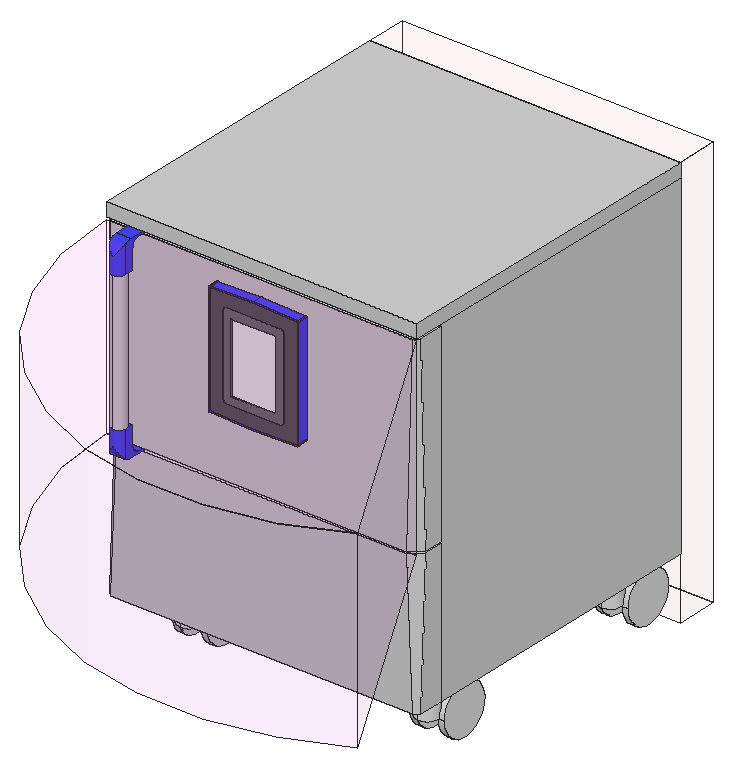
Revit family "Normann_Nortech_NAT5A-R290", category Attrezzature speciali, Revit 2021
Family settings
  Quota connettore circolare = Usa diametro
  Tipo di parte = Normale
  Basato su piano di lavoro = No
  Sempre verticale = Sì
  Taglio con vuoti quando caricato = No
  Condiviso = No
  Punto di calcolo locali = No
Parameters (values of type "NAT5 AIR, R290, 220-240/1N/50, TFT, RHH, WHEELS, MULTI FOOD PROBE")
  Yield per shock freezing cycle test time (EN22042) - min = 261
  Yield per shock freezing cycle energy consumed (EN22042) - kWh/kg = 0.322
  Yield per shock freezing cycle consuption (EN22042) - kWh = 4
  Yield per shock freezing cycle +65/-18°C (EN22042) - kg = 13
  Yield per shock freezing cycle (+90/-18°C) - kg = 18
  Yield per blast chiling cycle test time (EN22042) - min = 96
  Yield per blast chiling cycle energy consumed (EN22042) - kWh/kg = 0.091
  Yield per blast chiling cycle consumption (EN22042) - kWh = 1
  Yield per blast chiling cycle +65/+10°C (EN22042) - kg = 18
  Yield per blast chiling cycle (+90°C/+3°C) - kg = 23
  Wheel_Feet = yes
  Wheel = Wheel_Feet  # yes
  URL Manufacturer = "https://www.normann.it"
  Tray quantity GN2/3 h65mm = 0
  Tray quantity EN1-GN1/1 h65mm = 0
  Tray quantity EN1-GN1/1 h40mm = 0
  Tray quantity EN1-GN1/1 h20mm = 0
  Tray number = 5
  Tray Type = "GN1/1 e EN1"
  Temperature range - °C = "-40/+3"
  Suction line diameter - mm = 0 mm
  Show_Clearance [instance] = yes
  Refrigeration Climate Class = 4
  Refrigerant gas = "R290"
  Default Elevation = 0 mm
  built-in parameter 1010108 = ""
  Power Supply (Volts/Ph/Hz) = "220-240/1N/50"
  Packing volume - m3 = 0.8
  Packaging length actual - mm = 800 mm
  Packaging height actual - mm = 1124 mm
  Packaging depth actual - mm = 890 mm
  Optional = "Multi food probe"
  Net Weight kg = 124
  Model Series = "Nortech"
  Model Category = "Blast chiller reach-in"
  Max power warm cycle - W = 0
  Max power cold cycle - W = 1223
  Max current warm cycle - A = 0
  Max current cold cycle - A = 6.02
  Mat_Grid = Acciaio inox, spazzolato
  Mat_Frame = Acciaio inox, spazzolato
  Manufacturer = "Normann"
  Liquid line diameter - mm = 0 mm
  Length Actual = 750 mm
  Internal length actual - mm = 650 mm
  Internal height actual - mm = 410 mm
  Internal depth actual - mm = 433 mm
  Ice cream pan 5l quantity (360x165x120mm) = 6
  ID = "5A1C2D3B1-05C2C"
  Height_Door = 464 mm
  Height_Feet_Actual = if(Wheel_Feet, 150 mm, H_Feet_Limits)  # 150 mm
  Height Actual = 998 mm
  H_Feet_Limits = if(Height_Feet_100to160 < 100 mm, 100 mm, if(Height_Feet_100to160 > 160 mm, 160 mm, Height_Feet_100to160))  # 117.1 mm
  Gross Weight kg = 139
  GWP = 3
  Feet = not(Wheel_Feet)  # no
  Door_SX = not(Door Side R_L)  # yes
  Door_DX = Door Side R_L  # no
  OffSet_Display = 175 mm
  Height_Feet_100to160 = 117.1 mm
  Door Side R_L = no
  Depth Body = 795 mm
  Depth Actual = 864 mm
  Controller = "TFT"
  Condensation = "AIR"
  Capacity internal - L = 115
  Asset Identifier = "NAT5A-R290"
Reference planes
  plane 1 "Retro": y = 0
  plane 2: z = 0
  plane 3 "Sinistra": x = 0
  plane 4: x = 220
  plane 5: x = 375
  plane 6: x = 530
  plane 7: x = 750
  plane 8: x = 88
  plane 9: x = 662
  plane 10: y = -100
  plane 11: y = -397.5
  plane 12: y = -655
  plane 13: y = -725
  plane 14: y = -795
  plane 15: y = -864
  plane 16: z = 150
  plane 17: z = 965
  plane 18: z = 785
  plane 19: z = 998
  plane 20: z = 960
  plane 21: z = 491
  plane 22: z = 496
  plane 23: z = 86
  plane 24: y = 100
  plane 25: z = 895
  plane 26: z = 561
Forms (mm)
  Extrusion 1, solid, material "Acciaio inox, spazzolato" <- "Mat_Frame"
    sketch origin (0, 0, 0) x (1, 0, 0) y (0, 1, 0)
      loop
        line (0, 0) -> (0, -795) -> (750, -795) -> (750, 0) -> (0, 0)
    from 965 to 998
  Extrusion 2, solid, material "Acciaio inox, spazzolato" <- "Mat_Frame"
    sketch origin (0, 0, 0) x (1, 0, 0) y (0, 1, 0)
      loop
        line (0, 0) -> (0, -725) -> (750, -725) -> (750, 0) -> (0, 0)
    from 150 to 965
  Extrusion 3, solid, material "Acciaio inox, spazzolato" <- "Mat_Grid"
    sketch origin (0, 0, 0) x (1, 0, 0) y (0, 1, 0)
      loop
        line (0, -725) -> (0, -795) -> (750, -795) -> (750, -725) -> (0, -725)
    from 150 to 491
  Extrusion 4, solid, material "Acciaio inox, spazzolato" <- "Mat_Frame"
    sketch origin (0, 0, 0) x (1, 0, 0) y (0, 1, 0)
      loop
        line (0, -725) -> (0, -795) -> (750, -795) -> (750, -725) -> (0, -725)
    from 496 to 960
  Extrusion 5, solid, material "Acciaio inox, spazzolato" <- "Mat_Frame"
    sketch origin (0, 0, 0) x (1, 0, 0) y (0, 1, 0)
      loop
        line (220, -100) -> (220, -655) -> (530, -655) -> (530, -100) -> (220, -100)
    from 86 to 150
  Extrusion 6, solid, material "Acciaio inox, spazzolato" <- "Mat_Frame", visible <- "Door_DX"
    sketch origin (-167.334, -1527.813, 0) x (0, 1, 0) y (-1, 0, 0)
      loop
        circle (681.313, -846.834) r 17.5
    from 561 to 895
  Extrusion 7, solid, material "Acciaio inox, spazzolato" <- "Mat_Frame", visible <- "Door_SX"
    sketch origin (917.334, -1527.813, 0) x (0, 1, 0) y (-1, 0, 0)
      loop
        circle (681.313, 846.834) r 17.5
    from 561 to 895
  Extrusion 8, solid, material "QF_Finishes_Clearance", visible <- "Show_Clearance"
    sketch origin (0, 0, 0) x (1, 0, 0) y (0, 1, 0)
      loop
        line (0, 100) -> (0, 0) -> (750, 0) -> (750, 100) -> (0, 100)
    from 0 to 998
  Extrusion 9, solid, material "Acciaio inox, spazzolato" <- "Mat_Frame"
    sketch origin (0, 0, 0) x (1, 0, 0) y (0, 0, 1)
      loop
        line (88, 180) -> (88, 210) -> (58, 210) -> (58, 180) -> (88, 180)
    from -1.043 to 0
  Extrusion 10, solid
    sketch origin (0, 0, 0) x (1, 0, 0) y (0, 0, 1)
      loop
        circle (662, 204.579) r 10
    from -6.778 to 0
  Blend 11, void
    base sketch origin (-1546.99, -1691.009, 0) x (1, 0, 0) y (0, 1, 0)
      loop
        line (2305.785, 930.019) -> (2262.98, 887.214) -> (2305.785, 887.214) -> (2305.785, 930.019)
    top sketch origin (-1546.99, -1691.009, 0) x (1, 0, 0) y (0, 1, 0)
      loop
        line (2305.785, 915.113) -> (2277.886, 887.214) -> (2305.785, 887.214) -> (2305.785, 915.113)
    from 496 to 960
  Blend 12, void
    base sketch origin (2296.985, -1691.009, 0) x (-1, 0, 0) y (0, -1, 0)
      loop
        line (2305.785, -930.019) -> (2305.785, -887.214) -> (2262.98, -887.214) -> (2305.785, -930.019)
    top sketch origin (2296.985, -1691.009, 0) x (-1, 0, 0) y (0, -1, 0)
      loop
        line (2305.785, -915.113) -> (2305.785, -887.214) -> (2277.886, -887.214) -> (2305.785, -915.113)
    from 496 to 960
  Blend 13, void
    base sketch origin (-1546.99, -1691.009, 0) x (1, 0, 0) y (0, 1, 0)
      loop
        line (2305.785, 915.113) -> (2277.886, 887.214) -> (2305.785, 887.214) -> (2305.785, 915.113)
    top sketch origin (-1546.99, -1691.009, 0) x (1, 0, 0) y (0, 1, 0)
      loop
        line (2262.98, 887.214) -> (2305.785, 887.214) -> (2305.785, 930.019) -> (2262.98, 887.214)
    from 150 to 491
  Blend 14, void
    base sketch origin (2296.985, -1691.009, 0) x (-1, 0, 0) y (0, -1, 0)
      loop
        line (2305.785, -915.113) -> (2305.785, -887.214) -> (2277.886, -887.214) -> (2305.785, -915.113)
    top sketch origin (2296.985, -1691.009, 0) x (-1, 0, 0) y (0, -1, 0)
      loop
        line (2262.98, -887.214) -> (2305.785, -930.019) -> (2305.785, -887.214) -> (2262.98, -887.214)
    from 150 to 491
Cuts and joins
  Blend 11, Blend 12 cuts Extrusion 4
  Blend 13, Blend 14 cuts Extrusion 3
Dimensions and locks
  equal spacing: plane 14, plane 11, plane 1 "Retro"
  "Depth Body": plane 14 to plane 1 "Retro"
  equal spacing: plane 3 "Sinistra", plane 5, plane 7
  "Length Actual": plane 3 "Sinistra" to plane 7
  locked: plane 3 "Sinistra" to plane 8 at 88
  locked: plane 9 to plane 7 at 88
  plane 4 to plane 5 to plane 6 = 155 mm locked, 155 mm locked
  plane 10 to plane 1 "Retro" = 100 mm
  plane 12 to plane 13 to plane 14 = 70 mm locked, 70 mm locked
  "Depth Actual": plane 15 to plane 1 "Retro"
  "Height Actual": plane 2 to plane 19
  locked: plane 17 to plane 19 at 33
  locked: plane 20 to plane 17 at 5
  "OffSet_Display": plane 20 to plane 18
  "Height_Feet_Actual": plane 2 to plane 16
  plane 16 to plane 21 = 341 mm
  locked: plane 21 to plane 22 at 5
  locked: plane 23 to plane 16 at 64
  locked: plane 1 "Retro" to plane 24 at 100
  "Height_Door": plane 20 to plane 22
  locked: plane 20 to plane 25 at 65
  locked: plane 26 to plane 22 at 65
  nested 8 to Blend 11 = 8.795 mm
  aligned and locked: level to plane 2
  aligned and locked: plane 1 "Retro" to Extrusion 1 sketch curve
  aligned and locked: plane 3 "Sinistra" to Extrusion 1 sketch curve
  aligned and locked: plane 7 to Extrusion 1 sketch curve
  aligned and locked: plane 14 to Extrusion 1 sketch curve
  aligned and locked: Extrusion 1 to plane 19
  aligned and locked: plane 17 to Extrusion 1
  aligned and locked: Extrusion 2 sketch curve to Extrusion 1  (x2)
  aligned and locked: Extrusion 2 sketch curve to plane 13
  aligned and locked: plane 7 to Extrusion 2 sketch curve
  aligned and locked: Extrusion 3 sketch curve to Extrusion 2  (x2)
  aligned and locked: plane 14 to Extrusion 3 sketch curve
  aligned and locked: Extrusion 3 sketch curve to Extrusion 1
  aligned and locked: Extrusion 4 sketch curve to Extrusion 2  (x2)
  aligned and locked: Extrusion 4 sketch curve to Extrusion 1  (x2)
  aligned and locked: plane 4 to Extrusion 5 sketch curve
  aligned and locked: Extrusion 5 sketch curve to plane 6
  aligned and locked: Extrusion 2 to plane 17
  aligned and locked: plane 16 to Extrusion 2
  aligned and locked: Extrusion 5 to plane 16
  aligned and locked: plane 20 to Extrusion 4
  aligned and locked: plane 22 to Extrusion 4
  aligned and locked: Extrusion 3 to plane 21
  aligned and locked: plane 16 to Extrusion 3
  aligned and locked: plane 12 to nested 1
  aligned and locked: nested 1 to plane 9
  aligned and locked: nested 3 to plane 12
  aligned and locked: nested 3 to plane 8
  aligned and locked: nested 6 to plane 18
  aligned and locked: plane 5 to nested 6
  aligned and locked: Extrusion 5 to plane 23
  aligned and locked: plane 21 to nested 5
  aligned and locked: Extrusion 8 sketch curve to plane 24
  aligned and locked: Extrusion 8 sketch curve to plane 1 "Retro"
  aligned and locked: Extrusion 8 to plane 19
  aligned and locked: plane 1 "Retro" to Extrusion 9
  aligned and locked: plane 1 "Retro" to Extrusion 10
  aligned and locked: nested 7 to plane 14
  aligned and locked: plane 3 "Sinistra" to nested 7
  aligned and locked: nested 7 to plane 20
  aligned and locked: plane 14 to nested 8
  aligned and locked: nested 8 to plane 7
  aligned and locked: nested 8 to plane 20
  aligned and locked: nested 10 to plane 15
  aligned and locked: nested 9 to plane 15
  aligned and locked: plane 15 to nested 11
  aligned and locked: plane 9 to nested 12
  aligned and locked: nested 10 to plane 9
  aligned and locked: plane 8 to nested 9
  aligned and locked: nested 11 to plane 8
  aligned and locked: plane 15 to nested 12
  aligned and locked: plane 26 to Extrusion 6
  aligned and locked: plane 26 to Extrusion 7
  aligned and locked: plane 25 to Extrusion 7
  aligned and locked: plane 25 to Extrusion 6
  aligned and locked: plane 16 to Blend 14
  aligned and locked: Blend 14 to plane 21
  aligned and locked: plane 16 to Blend 13
  aligned and locked: Blend 13 to plane 21
  aligned and locked: plane 22 to Blend 12
  aligned and locked: plane 22 to Blend 11
  aligned and locked: plane 20 to Blend 12
  aligned and locked: plane 20 to Blend 11
  aligned and locked: Extrusion 8 to plane 3 "Sinistra"
  aligned and locked: Extrusion 8 to plane 7
Automatic sketch dimensions
  Extrusion 5 sketch curve to plane 12 = 0 mm
  Extrusion 5 sketch curve to plane 10 = 0 mm
  plane 15 to Extrusion 6 sketch curve = 17.5 mm
  plane 9 to Extrusion 6 sketch curve = 17.5 mm
  Extrusion 7 sketch curve to plane 15 = 17.5 mm
  plane 8 to Extrusion 7 sketch curve = 17.5 mm
  Extrusion 9 sketch curve to plane 8 = 0 mm
  Extrusion 9 sketch curve to plane 8 = 30 mm
  Extrusion 9 sketch curve to plane 16 = 30 mm
  Extrusion 9 sketch curve to Extrusion 9 sketch curve = 30 mm
  Extrusion 10 sketch curve to plane 9 = 0 mm
  Extrusion 10 sketch curve to plane 16 = 54.579 mm
  Blend 11 sketch curve to Blend 11 sketch curve = 42.804 mm  (x2)
  Blend 11 sketch curve to plane 24 = 903.795 mm  (x2)
  Blend 11 sketch curve to Blend 11 sketch curve = 27.899 mm  (x2)
  Blend 12 sketch curve to Blend 12 sketch curve = 42.804 mm  (x2)
  Blend 12 sketch curve to plane 24 = 860.99 mm
  Blend 12 sketch curve to Blend 12 sketch curve = 27.899 mm  (x2)
  Blend 12 sketch curve to plane 24 = 875.896 mm
  Blend 13 sketch curve to Blend 13 sketch curve = 27.899 mm  (x2)
  Blend 13 sketch curve to plane 24 = 903.795 mm  (x2)
  Blend 13 sketch curve to Blend 13 sketch curve = 42.804 mm  (x2)
  Blend 14 sketch curve to Blend 14 sketch curve = 27.899 mm  (x2)
  Blend 14 sketch curve to plane 24 = 875.896 mm
  Blend 14 sketch curve to Blend 14 sketch curve = 42.804 mm  (x2)
  Blend 14 sketch curve to plane 24 = 860.99 mm
  Extrusion 8 sketch curve to plane 7 = 0 mm
  plane 7 to Blend 11 sketch curve = 34.01 mm
  plane 7 to Blend 11 sketch curve = 19.104 mm
  plane 3 "Sinistra" to Blend 12 sketch curve = 34.004 mm
  plane 3 "Sinistra" to Blend 12 sketch curve = 19.099 mm
  plane 7 to Blend 13 sketch curve = 19.104 mm
  plane 7 to Blend 13 sketch curve = 34.01 mm
  plane 3 "Sinistra" to Blend 14 sketch curve = 19.099 mm
  plane 3 "Sinistra" to Blend 14 sketch curve = 34.004 mm
  Extrusion 8 sketch curve to plane 3 "Sinistra" = 0 mm
  radius of Extrusion 6 sketch curve = 17.5 mm
  radius of Extrusion 7 sketch curve = 17.5 mm
  radius of Extrusion 10 sketch curve = 10 mm
Nested families
  nested 1: "Feet_Wheel_Norm" at (662, -655, 150) x (0, 1, 0) z (0, 0, -1), Feet <- "Feet", H_Feet <- "Height_Feet_Actual", type "Feet_Wheel_Norm"
    with Wheel yes, H_Wheel 150 mm, H_Feet_Real 150 mm, H_Feet 150 mm, Feet no
  nested 2: "Feet_Wheel_Norm" at (662, -100, 150) x (0, 1, 0) z (0, 0, -1), Feet <- "Feet", H_Feet <- "Height_Feet_Actual", type "Feet_Wheel_Norm"
    with Wheel yes, H_Wheel 150 mm, H_Feet_Real 150 mm, H_Feet 150 mm, Feet no
  nested 3: "Feet_Wheel_Norm" at (88, -655, 150) x (0, 1, 0) z (0, 0, -1), Feet <- "Feet", H_Feet <- "Height_Feet_Actual", type "Feet_Wheel_Norm"
    with Wheel yes, H_Wheel 150 mm, H_Feet_Real 150 mm, H_Feet 150 mm, Feet no
  nested 4: "Feet_Wheel_Norm" at (88, -100, 150) x (0, 1, 0) z (0, 0, -1), Feet <- "Feet", H_Feet <- "Height_Feet_Actual", type "Feet_Wheel_Norm"
    with Wheel yes, H_Wheel 150 mm, H_Feet_Real 150 mm, H_Feet 150 mm, Feet no
  nested 5: "Griglia_Plus" at (-8.798, -795, 491) x (1, 0, 0) z (0, -1, 0), type "Griglia_Plus"
  nested 6: "Display_Plus" at (375, -795, 785) x (-1, 0, 0) z (0, -1, 0), type "Display_Plus"
  nested 7: "Door_Clearance" at (0, -795, 496), Show_Clearance <- "Show_Clearance", visible <- "Door_DX", W <- "Length Actual", H <- "Height_Door", type "Door_Clearance"
    with W 750 mm, Show_Clearance yes, H 464 mm
  nested 8: "Door_Clearance" at (750, -795, 496) x (-1, 0, 0) z (0, 0, 1), W <- "Length Actual", H <- "Height_Door", Show_Clearance <- "Show_Clearance", visible <- "Door_SX", type "Door_Clearance"
    with W 750 mm, Show_Clearance yes, H 464 mm
  nested 9: "Testa_Maniglia_2024" at (70.5, -864, 895), visible <- "Door_SX", type "Testa_Maniglia_2024"
  nested 10: "Testa_Maniglia_2024" at (679.5, -864, 895), visible <- "Door_DX", type "Testa_Maniglia_2024"
  nested 11: "Testa_Maniglia_2024" at (70.5, -864, 561) x (1, 0, 0) z (0, 0, -1), visible <- "Door_SX", type "Testa_Maniglia_2024"
  nested 12: "Testa_Maniglia_2024" at (679.5, -864, 561) x (1, 0, 0) z (0, 0, -1), visible <- "Door_DX", type "Testa_Maniglia_2024"
Connectors
  piping at (662, 6.778, 204.579), diameter 20
    settings: on Extrusion 10, index 2, connector inside diameter 609.6 mm, connector length 0 mm, flow factor 0, pipe flow 0.0 L/s, pressure drop 0.0 Pa, fitting loss kfactor 0, connector angle 0.00°, fixture units 0, engagement length 0 mm, angle of deflection 0.00°, flow configuration 0, flow direction 0, fitting loss method 0, system type 29, joint type 0, gender type 0, connector reference index -1, connector utility 0, adjustable connector no, is connector primary yes, connector description ""
  electrical at (73, 1.043, 195)
    settings: on Extrusion 9, index 3, voltage 0 V, apparent load 0 VA, apparent load phase1 0 VA, apparent load phase2 0 VA, apparent load phase3 0 VA, power factor 1, load classification "Altro", number of poles 1, system type 31, power factor state 1, is connector primary yes, connector utility no, sub classification motor no, connector description ""
Definition of nested family "Feet_Wheel_Norm"
  Parameters (values of type "Feet_Wheel_Norm")
    Wheel [instance] = not(Feet)  # no
    Default Elevation = 1219.2 mm
    Mat_Feet = none
    H_Wheel [instance] = if(Wheel, 150 mm, H_Feet_Real)  # 150 mm
    H_Feet_Real [instance] = if(H_Feet < 100 mm, 100 mm, if(H_Feet > 160 mm, 160 mm, H_Feet))  # 150 mm
    H_Feet [instance] = 150 mm
    Feet [instance] = yes
    D = 55 mm
  Reference planes
    plane 1 "Centro (Fronte/Retro)": y = 0
    plane 2: z = 0
    plane 3 "Centro (Sinistra/Destra)": x = 0
    plane 4: y = 42.5
    plane 5: y = 27.5
    plane 6: y = -27.5
    plane 7: y = -42.5
    plane 8: z = 30
    plane 9: z = 90
    plane 10: z = 125
    plane 11: z = 150
  Forms (mm)
    Extrusion 1, solid
      sketch origin (0, 0, 0) x (1, 0, 0) y (0, 1, 0)
        loop
          line (-1219.2, 1219.2) -> (-1219.2, -1219.2) -> (1219.2, -1219.2) -> (1219.2, 1219.2) -> (-1219.2, 1219.2)
      from 0 to -304.8
    Extrusion 2, solid, material <- "Mat_Feet", visible <- "Feet"
      sketch origin (0, 0, 0) x (1, 0, 0) y (0, 1, 0)
        loop
          circle (0, 0) r 27.3
      from 125 to 150
    Extrusion 3, solid, material <- "Mat_Feet", visible <- "Feet"
      sketch origin (0, 0, 0) x (1, 0, 0) y (0, 1, 0)
        loop
          circle (0, 0) r 31.5
      from 0 to 125
    Extrusion 4, solid, material <- "Mat_Feet", visible <- "Wheel"
      sketch origin (0, 0, 0) x (1, 0, 0) y (0, 1, 0)
        loop
          circle (0, 0) r 27.3
      from 0 to 90
    Extrusion 5, solid, material <- "Mat_Feet", visible <- "Wheel"
      sketch origin (-40.152, 0, 0) x (1, 0, 0) y (0, 0, 1)
        loop
          circle (100.152, 90) r 60
      from 27.5 to 42.5
    Extrusion 6, solid, material <- "Mat_Feet", visible <- "Wheel"
      sketch origin (-40.152, 0, 0) x (1, 0, 0) y (0, 0, -1)
        loop
          circle (100.152, -90) r 60
      from 27.5 to 42.5
  Dimensions and locks
    equal spacing: plane 6, plane 1 "Centro (Fronte/Retro)", plane 5
    locked: plane 5 to plane 4 at 15
    locked: plane 7 to plane 6 at 15
    "D": plane 6 to plane 5
    "H_Wheel": plane 2 to plane 11
    locked: plane 10 to plane 11 at 25
    plane 2 to plane 9 = 90 mm
    locked: plane 8 to plane 9 at 60
    aligned and locked: plane 2 to Extrusion 1
    aligned and locked: level to Extrusion 1
    aligned and locked: Extrusion 3 to plane 10
    aligned and locked: plane 10 to Extrusion 2
    aligned and locked: Extrusion 2 to plane 11
    aligned and locked: Extrusion 4 to plane 2
    aligned and locked: Extrusion 4 to plane 9
    aligned and locked: Extrusion 5 to plane 6
    aligned and locked: plane 7 to Extrusion 5
    aligned and locked: Extrusion 6 to plane 4
    aligned and locked: plane 5 to Extrusion 6
    aligned and locked: plane 3 "Centro (Sinistra/Destra)" to Extrusion 5
    aligned and locked: plane 3 "Centro (Sinistra/Destra)" to Extrusion 6
  Automatic sketch dimensions
    Extrusion 1 sketch curve to Extrusion 1 sketch curve = 2438.4 mm  (x2)
    plane 1 "Centro (Fronte/Retro)" to Extrusion 2 sketch curve = 0 mm
    Extrusion 2 sketch curve to plane 3 "Centro (Sinistra/Destra)" = 0 mm
    plane 1 "Centro (Fronte/Retro)" to Extrusion 3 sketch curve = 0 mm
    Extrusion 3 sketch curve to plane 3 "Centro (Sinistra/Destra)" = 0 mm
    Extrusion 4 sketch curve to Extrusion 4 sketch curve = 0 mm  (x2)
    plane 1 "Centro (Fronte/Retro)" to Extrusion 4 sketch curve = 0 mm
    Extrusion 4 sketch curve to plane 3 "Centro (Sinistra/Destra)" = 0 mm
    Extrusion 4 sketch curve to Extrusion 4 sketch curve = 27.3 mm
    Extrusion 5 sketch curve to plane 9 = 0 mm
    plane 3 "Centro (Sinistra/Destra)" to Extrusion 5 sketch curve = 60 mm
    Extrusion 6 sketch curve to plane 9 = 0 mm
    plane 3 "Centro (Sinistra/Destra)" to Extrusion 6 sketch curve = 60 mm
    radius of Extrusion 2 sketch curve = 27.3 mm
    radius of Extrusion 3 sketch curve = 31.5 mm
    radius of Extrusion 5 sketch curve = 60 mm
    radius of Extrusion 6 sketch curve = 60 mm
Definition of nested family "Display_Plus"
  Parameters (values of type "Display_Plus")
    W = 218 mm
    Default Elevation = 1219.2 mm
    Mat_Pla_04 = none
    Mat_Pla_03 = none
    Mat_Pla_02 = none
    Mat_Pla_01 = none
    H = 25 mm
    D = 278 mm
  Reference planes
    plane 1 "Centro (Fronte/Retro)": y = 0
    plane 2: z = 0
    plane 3 "Centro (Sinistra/Destra)": x = 0
    plane 4: x = -54
    plane 5: x = 54
    plane 6: x = -74
    plane 7: x = 74
    plane 8: x = -109
    plane 9: x = 109
    plane 10: y = 139
    plane 11: y = 104
    plane 12: y = 84
    plane 13: y = -84
    plane 14: y = -104
    plane 15: y = -139
    plane 16: z = 25
    plane 17: z = 23
  Forms (mm)
    Extrusion 1, solid
      sketch origin (0, 0, 0) x (1, 0, 0) y (0, 1, 0)
        loop
          line (-1219.2, 1219.2) -> (-1219.2, -1219.2) -> (1219.2, -1219.2) -> (1219.2, 1219.2) -> (-1219.2, 1219.2)
      from 0 to -304.8
    Extrusion 2, solid, material <- "Mat_Pla_04"
      sketch origin (0, 0, 0) x (1, 0, 0) y (0, 1, 0)
        loop
          line (-54, 84) -> (-54, -84) -> (54, -84) -> (54, 84) -> (-54, 84)
      from 0 to 23
    Extrusion 3, solid, material <- "Mat_Pla_03"
      sketch origin (0, 0, 0) x (1, 0, 0) y (0, 1, 0)
        loop
          line (54, 84) -> (-54, 84) -> (-54, -84) -> (54, -84) -> (54, 84)
        loop
          arc (-64, 104) -> (-71.071, 101.071) -> (-74, 94) r 10
          line (-74, 94) -> (-74, -94)
          arc (-74, -94) -> (-71.071, -101.071) -> (-64, -104) r 10
          line (-64, -104) -> (64, -104)
          arc (64, -104) -> (71.071, -101.071) -> (74, -94) r 10
          line (74, -94) -> (74, 94)
          arc (74, 94) -> (71.071, 101.071) -> (64, 104) r 10
          line (64, 104) -> (-64, 104)
      from 0 to 25
    Extrusion 4, solid, material <- "Mat_Pla_01"
      sketch origin (0, 0, 0) x (1, 0, 0) y (0, 1, 0)
        loop
          line (-109, 133.023) -> (-109, -133.023)
          arc (-109, -133.023) -> (-108.177, -135.088) -> (-106.158, -136.019) r 3
          arc (-106.158, -136.019) -> (-53.098, -138.166) -> (0, -139) r 2146.538
          arc (0, -139) -> (53.098, -138.166) -> (106.158, -136.019) r 2146.538
          arc (106.158, -136.019) -> (108.177, -135.088) -> (109, -133.023) r 3
          line (109, -133.023) -> (109, 133.023)
          arc (109, 133.023) -> (108.177, 135.088) -> (106.158, 136.019) r 3
          arc (106.158, 136.019) -> (53.098, 138.166) -> (0, 139) r 2146.538
          arc (0, 139) -> (-53.098, 138.166) -> (-106.158, 136.019) r 2146.538
          arc (-106.158, 136.019) -> (-108.177, 135.088) -> (-109, 133.023) r 3
        loop
          arc (0, 137) -> (-53.045, 136.167) -> (-106.053, 134.022) r 2144.538
          arc (-106.053, 134.022) -> (-106.726, 133.712) -> (-107, 133.023) r 1
          line (-107, 133.023) -> (-107, -133.023)
          arc (-107, -133.023) -> (-106.726, -133.712) -> (-106.053, -134.022) r 1
          arc (-106.053, -134.022) -> (-53.045, -136.167) -> (0, -137) r 2144.538
          arc (0, -137) -> (53.045, -136.167) -> (106.053, -134.022) r 2144.538
          arc (106.053, -134.022) -> (106.726, -133.712) -> (107, -133.023) r 1
          line (107, -133.023) -> (107, 133.023)
          arc (107, 133.023) -> (106.726, 133.712) -> (106.053, 134.022) r 1
          arc (106.053, 134.022) -> (53.045, 136.167) -> (0, 137) r 2144.538
      from 0 to 25
    Extrusion 5, solid, material <- "Mat_Pla_02"
      sketch origin (0, 0, 0) x (1, 0, 0) y (0, 1, 0)
        loop
          arc (-106.053, 134.022) -> (-106.726, 133.712) -> (-107, 133.023) r 1
          line (-107, 133.023) -> (-107, -133.023)
          arc (-107, -133.023) -> (-106.726, -133.712) -> (-106.053, -134.022) r 1
          arc (-106.053, -134.022) -> (-53.045, -136.167) -> (0, -137) r 2144.538
          arc (0, -137) -> (53.045, -136.167) -> (106.053, -134.022) r 2144.538
          arc (106.053, -134.022) -> (106.726, -133.712) -> (107, -133.023) r 1
          line (107, -133.023) -> (107, 133.023)
          arc (107, 133.023) -> (106.726, 133.712) -> (106.053, 134.022) r 1
          arc (106.053, 134.022) -> (53.045, 136.167) -> (0, 137) r 2144.538
          arc (0, 137) -> (-53.045, 136.167) -> (-106.053, 134.022) r 2144.538
        loop
          line (64, 104) -> (-64, 104)
          arc (-64, 104) -> (-71.071, 101.071) -> (-74, 94) r 10
          line (-74, 94) -> (-74, -94)
          arc (-74, -94) -> (-71.071, -101.071) -> (-64, -104) r 10
          line (-64, -104) -> (64, -104)
          arc (64, -104) -> (71.071, -101.071) -> (74, -94) r 10
          line (74, -94) -> (74, 94)
          arc (74, 94) -> (71.071, 101.071) -> (64, 104) r 10
      from 0 to 25
  Dimensions and locks
    equal spacing: plane 15, plane 1 "Centro (Fronte/Retro)", plane 10
    equal spacing: plane 8, plane 3 "Centro (Sinistra/Destra)", plane 9
    "W": plane 8 to plane 9
    "D": plane 15 to plane 10
    locked: plane 17 to plane 16 at 2
    "H": plane 2 to plane 16
    locked: plane 8 to plane 6 at 35
    locked: plane 7 to plane 9 at 35
    locked: plane 5 to plane 7 at 20
    locked: plane 6 to plane 4 at 20
    locked: plane 15 to plane 14 at 35
    locked: plane 12 to plane 11 at 20
    locked: plane 11 to plane 10 at 35
    locked: plane 14 to plane 13 at 20
    aligned and locked: plane 2 to Extrusion 1
    aligned and locked: level to Extrusion 1
  Automatic sketch dimensions
    Extrusion 1 sketch curve to Extrusion 1 sketch curve = 2438.4 mm  (x2)
    Extrusion 2 sketch curve to plane 4 = 0 mm
    Extrusion 2 sketch curve to plane 5 = 0 mm
    plane 13 to Extrusion 2 sketch curve = 0 mm
    plane 12 to Extrusion 2 sketch curve = 0 mm
    Extrusion 3 sketch curve to plane 6 = 0 mm
    plane 14 to Extrusion 3 sketch curve = 0 mm
    plane 11 to Extrusion 3 sketch curve = 0 mm
    Extrusion 3 sketch curve to plane 4 = 0 mm
    Extrusion 3 sketch curve to plane 5 = 0 mm
    Extrusion 3 sketch curve to plane 7 = 0 mm
    plane 13 to Extrusion 3 sketch curve = 0 mm
    plane 12 to Extrusion 3 sketch curve = 0 mm
    Extrusion 3 sketch curve to plane 4 = 10 mm  (x2)
    plane 5 to Extrusion 3 sketch curve = 10 mm  (x2)
    Extrusion 4 sketch curve to plane 8 = 0 mm
    Extrusion 4 sketch curve to plane 3 "Centro (Sinistra/Destra)" = 0 mm  (x4)
    Extrusion 4 sketch curve to plane 9 = 0 mm
    plane 15 to Extrusion 4 sketch curve = 0 mm
    plane 10 to Extrusion 4 sketch curve = 0 mm
    Extrusion 4 sketch curve to Extrusion 4 sketch curve = 3 mm  (x4)
    Extrusion 4 sketch curve to plane 3 "Centro (Sinistra/Destra)" = 7.151 mm  (x2)
    plane 3 "Centro (Sinistra/Destra)" to Extrusion 4 sketch curve = 7.151 mm  (x2)
    plane 15 to Extrusion 4 sketch curve = 1868.526 mm
    Extrusion 4 sketch curve to Extrusion 4 sketch curve = 0 mm  (x20)
    Extrusion 4 sketch curve to plane 15 = 5.977 mm  (x2)
    plane 10 to Extrusion 4 sketch curve = 5.977 mm  (x2)
    Extrusion 4 sketch curve to plane 10 = 1868.526 mm
    Extrusion 4 sketch curve to Extrusion 4 sketch curve = 1 mm  (x2)
    Extrusion 5 sketch curve to plane 3 "Centro (Sinistra/Destra)" = 0 mm  (x2)
    Extrusion 5 sketch curve to plane 3 "Centro (Sinistra/Destra)" = 7.151 mm  (x2)
    plane 8 to Extrusion 5 sketch curve = 3 mm  (x2)
    Extrusion 5 sketch curve to Extrusion 5 sketch curve = 1 mm  (x2)
    plane 3 "Centro (Sinistra/Destra)" to Extrusion 5 sketch curve = 7.151 mm  (x2)
    Extrusion 5 sketch curve to plane 9 = 3 mm  (x2)
    plane 15 to Extrusion 5 sketch curve = 1868.526 mm
    Extrusion 5 sketch curve to Extrusion 5 sketch curve = 0 mm  (x4)
    Extrusion 5 sketch curve to plane 15 = 5.977 mm  (x2)
    plane 10 to Extrusion 5 sketch curve = 5.977 mm  (x2)
    Extrusion 5 sketch curve to plane 10 = 1868.526 mm
    Extrusion 5 sketch curve to plane 6 = 0 mm
    plane 11 to Extrusion 5 sketch curve = 0 mm
    plane 14 to Extrusion 5 sketch curve = 0 mm
    Extrusion 5 sketch curve to plane 7 = 0 mm
    Extrusion 5 sketch curve to plane 4 = 10 mm  (x2)
    plane 5 to Extrusion 5 sketch curve = 10 mm  (x2)
Definition of nested family "Door_Clearance"
  Parameters (values of type "Door_Clearance")
    W [instance] = 750 mm
    Show_Clearance [instance] = yes
    Default Elevation = 0 mm
    H [instance] = 464 mm
  Reference planes
    plane 1 "Centro (Fronte/Retro)": y = 0
    plane 2: z = 0
    plane 3 "Centro (Sinistra/Destra)": x = 0
    plane 4: x = 750
    plane 5: z = 464
  Forms (mm)
    Revolve 1, solid, visible <- "Show_Clearance"
      sketch origin (0, 0, 0) x (1, 0, 0) y (0, 0, 1)
        loop
          line (0, 464) -> (0, 0) -> (750, 0) -> (750, 464) -> (0, 464)
        axis (0, 464) -> (0, 0)
      angle from 240 to 360
  Dimensions and locks
    "W": plane 3 "Centro (Sinistra/Destra)" to plane 4
    "H": plane 2 to plane 5
    aligned and locked: level to plane 2
    aligned and locked: plane 2 to Revolve 1
    aligned and locked: Revolve 1 to plane 5
  Automatic sketch dimensions
    Revolve 1 sketch curve to plane 3 "Centro (Sinistra/Destra)" = 0 mm  (x2)
    plane 4 to Revolve 1 sketch curve = 0 mm
    level to Revolve 1 sketch curve = 0 mm
    Revolve 1 sketch curve to Revolve 1 sketch curve = 464 mm
    Revolve 1 sketch curve to Revolve 1 sketch curve = 263.9 mm
    Revolve 1 sketch curve to Revolve 1 sketch curve = 334.115 mm
Definition of nested family "Testa_Maniglia_2024"
  Parameters (values of type "Testa_Maniglia_2024")
    Default Elevation = 1219.2 mm
    Mat_T_Rail = none
    A = 35 mm
  Reference planes
    plane 1 "Centro (Fronte/Retro)": y = 0
    plane 2: z = 0
    plane 3 "Centro (Sinistra/Destra)": x = 0
    plane 4: x = 17.5
    plane 5: x = -17.5
    plane 6: y = 100
    plane 7: z = 70
    plane 8: z = 65.5
    plane 9: y = 35.988
  Forms (mm)
    Extrusion 1, solid
      sketch origin (0, 0, 0) x (1, 0, 0) y (0, 1, 0)
        loop
          line (-1219.2, 1219.2) -> (-1219.2, -1219.2) -> (1219.2, -1219.2) -> (1219.2, 1219.2) -> (-1219.2, 1219.2)
      from 0 to -304.8
    Extrusion 2, solid, material <- "Mat_T_Rail"
      sketch origin (603.971, -12.494, -156.359) x (0, 1, 0) y (0, 0, 1)
        loop
          line (112.494, 226.359) -> (45.488, 226.359)
          arc (45.488, 226.359) -> (22.801, 217.341) -> (12.494, 195.208) r 33.049
          line (12.494, 195.208) -> (12.494, 156.359) -> (48.482, 156.359) -> (48.482, 201.873)
          arc (48.482, 201.873) -> (54.341, 216.01) -> (68.482, 221.859) r 19.985
          line (68.482, 221.859) -> (112.494, 221.859) -> (112.494, 226.359)
      from -621.471 to -586.471
    Extrusion 3, void
      sketch origin (603.971, -12.494, -156.359) x (1, 0, 0) y (0, 1, 0)
        loop
          arc (-621.471, 29.994) -> (-603.971, 12.494) -> (-586.471, 29.994) r 17.5
          line (-586.471, 29.994) -> (-586.471, 80.181)
          arc (-586.471, 80.181) -> (-604.387, -23.549) -> (-621.471, 80.321) r 53.376
          line (-621.471, 80.321) -> (-621.471, 29.994)
      from 96.453 to 263.778
  Cuts and joins
    Extrusion 3 cuts Extrusion 2
  Dimensions and locks
    equal spacing: plane 5, plane 3 "Centro (Sinistra/Destra)", plane 4
    "A": plane 5 to plane 4
    locked: plane 9 to plane 1 "Centro (Fronte/Retro)" at 35.988
    locked: plane 7 to plane 8 at 4.5
    locked: plane 8 to plane 2 at 65.5
    locked: plane 1 "Centro (Fronte/Retro)" to plane 6 at 100
    aligned and locked: plane 2 to Extrusion 1
    aligned and locked: level to Extrusion 1
    aligned and locked: plane 4 to Extrusion 2
    aligned and locked: Extrusion 2 to plane 5
    aligned and locked: cut or joined group of Extrusion 2, Extrusion 3 to plane 6  (x2)
    aligned and locked: cut or joined group of Extrusion 2, Extrusion 3 to plane 8
    aligned and locked: plane 7 to cut or joined group of Extrusion 2, Extrusion 3
    aligned and locked: plane 9 to cut or joined group of Extrusion 2, Extrusion 3
  Automatic sketch dimensions
    Extrusion 1 sketch curve to Extrusion 1 sketch curve = 2438.4 mm  (x2)
    Extrusion 3 sketch curve to Extrusion 3 sketch curve = 0.202 mm
    Extrusion 3 sketch curve to Extrusion 3 sketch curve = 0.168 mm
    Extrusion 3 sketch curve to plane 3 "Centro (Sinistra/Destra)" = 0.202 mm
    plane 5 to Extrusion 3 sketch curve = 0 mm
    Extrusion 3 sketch curve to plane 1 "Centro (Fronte/Retro)" = 17.5 mm
    Extrusion 3 sketch curve to Extrusion 3 sketch curve = 50.187 mm
    Extrusion 2 sketch curve to level = 0 mm
    Extrusion 2 sketch curve to plane 1 "Centro (Fronte/Retro)" = 0 mm
    Extrusion 2 sketch curve to plane 6 = 0 mm
    Extrusion 2 sketch curve to Extrusion 2 sketch curve = 35.988 mm
    Extrusion 2 sketch curve to Extrusion 2 sketch curve = 19.985 mm
    level to Extrusion 2 sketch curve = 36.951 mm
    Extrusion 2 sketch curve to Extrusion 2 sketch curve = 1.899 mm
    Extrusion 2 sketch curve to Extrusion 2 sketch curve = 8.563 mm
    Extrusion 2 sketch curve to Extrusion 2 sketch curve = 4.5 mm
    Extrusion 2 sketch curve to Extrusion 2 sketch curve = 0.014 mm
Definition of nested family "Griglia_Plus"
  Parameters (values of type "Griglia_Plus")
    Default Elevation = 1219.2 mm
  Reference planes
    plane 1 "Centro (Fronte/Retro)": y = 0
    plane 2: z = 0
    plane 3 "Centro (Sinistra/Destra)": x = 0
  Forms (mm)
    Extrusion 1, solid
      sketch origin (0, 0, 0) x (1, 0, 0) y (0, 1, 0)
        loop
          line (-1219.2, 1219.2) -> (-1219.2, -1219.2) -> (1219.2, -1219.2) -> (1219.2, 1219.2) -> (-1219.2, 1219.2)
      from 0 to -304.8
  Lines and regions (mm)
    model lines, detail levels medium+fine
      curve 1: line (40.936, -180.917, 0) -> (54.849, -172.885, 0)
      curve 2: line (40.936, -180.917, 0) -> (54.849, -188.95, 0)
      curve 3: line (54.849, -188.95, 0) -> (54.849, -172.885, 0)
      curve 4: line (72.781, -180.917, 0) -> (58.867, -172.885, 0)
      curve 5: line (72.781, -180.917, 0) -> (58.867, -188.95, 0)
      curve 6: line (58.867, -188.95, 0) -> (58.867, -172.885, 0)
      curve 7: line (40.936, -157.913, 0) -> (54.849, -165.946, 0)
      curve 8: line (40.936, -157.913, 0) -> (54.849, -149.88, 0)
      curve 9: line (54.849, -149.88, 0) -> (54.849, -165.946, 0)
      curve 10: line (72.781, -157.913, 0) -> (58.867, -165.946, 0)
      curve 11: line (72.781, -157.913, 0) -> (58.867, -149.88, 0)
      curve 12: line (58.867, -149.88, 0) -> (58.867, -165.946, 0)
      curve 13: line (74.797, -177.653, 0) -> (60.884, -169.62, 0)
      curve 14: line (74.797, -177.653, 0) -> (74.797, -161.587, 0)
      curve 15: line (74.797, -161.587, 0) -> (60.884, -169.62, 0)
      curve 16: line (38.953, -161.577, 0) -> (52.866, -169.609, 0)
      curve 17: line (38.953, -161.577, 0) -> (38.953, -177.642, 0)
      curve 18: line (38.953, -177.642, 0) -> (52.866, -169.609, 0)
      curve 19: line (74.797, -184.182, 0) -> (60.884, -192.215, 0)
      curve 20: line (74.797, -184.182, 0) -> (74.797, -200.248, 0)
      curve 21: line (74.797, -200.248, 0) -> (60.884, -192.215, 0)
      curve 22: line (38.953, -200.258, 0) -> (52.866, -192.225, 0)
      curve 23: line (38.953, -200.258, 0) -> (38.953, -184.192, 0)
      curve 24: line (38.953, -184.192, 0) -> (52.866, -192.225, 0)
      curve 25: line (40.936, -227.884, 0) -> (54.849, -219.851, 0)
      curve 26: line (40.936, -227.884, 0) -> (54.849, -235.917, 0)
      curve 27: line (54.849, -235.917, 0) -> (54.849, -219.851, 0)
      curve 28: line (72.781, -227.884, 0) -> (58.867, -219.851, 0)
      curve 29: line (72.781, -227.884, 0) -> (58.867, -235.917, 0)
      curve 30: line (58.867, -235.917, 0) -> (58.867, -219.851, 0)
      curve 31: line (40.936, -204.88, 0) -> (54.849, -212.912, 0)
      curve 32: line (40.936, -204.88, 0) -> (54.849, -196.847, 0)
      curve 33: line (54.849, -196.847, 0) -> (54.849, -212.912, 0)
      curve 34: line (72.781, -204.88, 0) -> (58.867, -212.912, 0)
      curve 35: line (72.781, -204.88, 0) -> (58.867, -196.847, 0)
      curve 36: line (58.867, -196.847, 0) -> (58.867, -212.912, 0)
      curve 37: line (74.797, -224.619, 0) -> (60.884, -216.587, 0)
      curve 38: line (74.797, -224.619, 0) -> (74.797, -208.554, 0)
      curve 39: line (74.797, -208.554, 0) -> (60.884, -216.587, 0)
      curve 40: line (38.953, -208.543, 0) -> (52.866, -216.576, 0)
      curve 41: line (38.953, -208.543, 0) -> (38.953, -224.609, 0)
      curve 42: line (38.953, -224.609, 0) -> (52.866, -216.576, 0)
      curve 43: line (74.797, -231.149, 0) -> (60.884, -239.181, 0)
      curve 44: line (74.797, -231.149, 0) -> (74.797, -247.214, 0)
      curve 45: line (74.797, -247.214, 0) -> (60.884, -239.181, 0)
      curve 46: line (38.953, -247.225, 0) -> (52.866, -239.192, 0)
      curve 47: line (38.953, -247.225, 0) -> (38.953, -231.159, 0)
      curve 48: line (38.953, -231.159, 0) -> (52.866, -239.192, 0)
      curve 49: line (40.936, -273.703, 0) -> (54.849, -265.67, 0)
      curve 50: line (40.936, -273.703, 0) -> (54.849, -281.736, 0)
      curve 51: line (54.849, -281.736, 0) -> (54.849, -265.67, 0)
      curve 52: line (72.781, -273.703, 0) -> (58.867, -265.67, 0)
      curve 53: line (72.781, -273.703, 0) -> (58.867, -281.736, 0)
      curve 54: line (58.867, -281.736, 0) -> (58.867, -265.67, 0)
      curve 55: line (40.936, -250.699, 0) -> (54.849, -258.731, 0)
      curve 56: line (40.936, -250.699, 0) -> (54.849, -242.666, 0)
      curve 57: line (54.849, -242.666, 0) -> (54.849, -258.731, 0)
      curve 58: line (72.781, -250.699, 0) -> (58.867, -258.731, 0)
      curve 59: line (72.781, -250.699, 0) -> (58.867, -242.666, 0)
      curve 60: line (58.867, -242.666, 0) -> (58.867, -258.731, 0)
      curve 61: line (74.797, -270.438, 0) -> (60.884, -262.405, 0)
      curve 62: line (74.797, -270.438, 0) -> (74.797, -254.373, 0)
      curve 63: line (74.797, -254.373, 0) -> (60.884, -262.405, 0)
      curve 64: line (38.953, -254.362, 0) -> (52.866, -262.395, 0)
      curve 65: line (38.953, -254.362, 0) -> (38.953, -270.428, 0)
      curve 66: line (38.953, -270.428, 0) -> (52.866, -262.395, 0)
      curve 67: line (40.936, -133.703, 0) -> (54.849, -125.67, 0)
      curve 68: line (40.936, -133.703, 0) -> (54.849, -141.736, 0)
      curve 69: line (54.849, -141.736, 0) -> (54.849, -125.67, 0)
      curve 70: line (72.781, -133.703, 0) -> (58.867, -125.67, 0)
      curve 71: line (72.781, -133.703, 0) -> (58.867, -141.736, 0)
      curve 72: line (58.867, -141.736, 0) -> (58.867, -125.67, 0)
      curve 73: line (40.936, -110.699, 0) -> (54.849, -118.731, 0)
      curve 74: line (40.936, -110.699, 0) -> (54.849, -102.666, 0)
      curve 75: line (54.849, -102.666, 0) -> (54.849, -118.731, 0)
      curve 76: line (72.781, -110.699, 0) -> (58.867, -118.731, 0)
      curve 77: line (72.781, -110.699, 0) -> (58.867, -102.666, 0)
      curve 78: line (58.867, -102.666, 0) -> (58.867, -118.731, 0)
      curve 79: line (74.797, -130.438, 0) -> (60.884, -122.405, 0)
      curve 80: line (74.797, -130.438, 0) -> (74.797, -114.373, 0)
      curve 81: line (74.797, -114.373, 0) -> (60.884, -122.405, 0)
      curve 82: line (38.953, -114.362, 0) -> (52.866, -122.395, 0)
      curve 83: line (38.953, -114.362, 0) -> (38.953, -130.428, 0)
      curve 84: line (38.953, -130.428, 0) -> (52.866, -122.395, 0)
      curve 85: line (74.797, -136.968, 0) -> (60.884, -145, 0)
      curve 86: line (74.797, -136.968, 0) -> (74.797, -153.033, 0)
      curve 87: line (74.797, -153.033, 0) -> (60.884, -145, 0)
      curve 88: line (38.953, -153.043, 0) -> (52.866, -145.011, 0)
      curve 89: line (38.953, -153.043, 0) -> (38.953, -136.978, 0)
      curve 90: line (38.953, -136.978, 0) -> (52.866, -145.011, 0)
      curve 91: line (40.936, -89.941, 0) -> (54.849, -81.909, 0)
      curve 92: line (40.936, -89.941, 0) -> (54.849, -97.974, 0)
      curve 93: line (54.849, -97.974, 0) -> (54.849, -81.909, 0)
      curve 94: line (72.781, -89.941, 0) -> (58.867, -81.909, 0)
      curve 95: line (72.781, -89.941, 0) -> (58.867, -97.974, 0)
      curve 96: line (58.867, -97.974, 0) -> (58.867, -81.909, 0)
      curve 97: line (40.936, -66.937, 0) -> (54.849, -74.97, 0)
      curve 98: line (40.936, -66.937, 0) -> (54.849, -58.904, 0)
      curve 99: line (54.849, -58.904, 0) -> (54.849, -74.97, 0)
      curve 100: line (72.781, -66.937, 0) -> (58.867, -74.97, 0)
      curve 101: line (72.781, -66.937, 0) -> (58.867, -58.904, 0)
      curve 102: line (58.867, -58.904, 0) -> (58.867, -74.97, 0)
      curve 103: line (74.797, -86.677, 0) -> (60.884, -78.644, 0)
      curve 104: line (74.797, -86.677, 0) -> (74.797, -70.611, 0)
      curve 105: line (74.797, -70.611, 0) -> (60.884, -78.644, 0)
      curve 106: line (38.953, -70.601, 0) -> (52.866, -78.633, 0)
      curve 107: line (38.953, -70.601, 0) -> (38.953, -86.666, 0)
      curve 108: line (38.953, -86.666, 0) -> (52.866, -78.633, 0)
      curve 109: line (74.797, -93.206, 0) -> (60.884, -101.239, 0)
      curve 110: line (74.797, -93.206, 0) -> (74.797, -109.272, 0)
      curve 111: line (74.797, -109.272, 0) -> (60.884, -101.239, 0)
      curve 112: line (38.953, -109.282, 0) -> (52.866, -101.249, 0)
      curve 113: line (38.953, -109.282, 0) -> (38.953, -93.217, 0)
      curve 114: line (38.953, -93.217, 0) -> (52.866, -101.249, 0)
      curve 115: line (40.936, -43.691, 0) -> (54.849, -35.659, 0)
      curve 116: line (40.936, -43.691, 0) -> (54.849, -51.724, 0)
      curve 117: line (54.849, -51.724, 0) -> (54.849, -35.659, 0)
      curve 118: line (72.781, -43.691, 0) -> (58.867, -35.659, 0)
      curve 119: line (72.781, -43.691, 0) -> (58.867, -51.724, 0)
      curve 120: line (58.867, -51.724, 0) -> (58.867, -35.659, 0)
      curve 121: line (40.936, -20.687, 0) -> (54.849, -28.72, 0)
      curve 122: line (40.936, -20.687, 0) -> (54.849, -12.654, 0)
      curve 123: line (54.849, -12.654, 0) -> (54.849, -28.72, 0)
      curve 124: line (72.781, -20.687, 0) -> (58.867, -28.72, 0)
      curve 125: line (72.781, -20.687, 0) -> (58.867, -12.654, 0)
      curve 126: line (58.867, -12.654, 0) -> (58.867, -28.72, 0)
      curve 127: line (74.797, -40.427, 0) -> (60.884, -32.394, 0)
      curve 128: line (74.797, -40.427, 0) -> (74.797, -24.361, 0)
      curve 129: line (74.797, -24.361, 0) -> (60.884, -32.394, 0)
      curve 130: line (38.953, -24.351, 0) -> (52.866, -32.383, 0)
      curve 131: line (38.953, -24.351, 0) -> (38.953, -40.416, 0)
      curve 132: line (38.953, -40.416, 0) -> (52.866, -32.383, 0)
      curve 133: line (74.797, -46.956, 0) -> (60.884, -54.989, 0)
      curve 134: line (74.797, -46.956, 0) -> (74.797, -63.022, 0)
      curve 135: line (74.797, -63.022, 0) -> (60.884, -54.989, 0)
      curve 136: line (38.953, -63.032, 0) -> (52.866, -54.999, 0)
      curve 137: line (38.953, -63.032, 0) -> (38.953, -46.967, 0)
      curve 138: line (38.953, -46.967, 0) -> (52.866, -54.999, 0)
      curve 139: line (80.936, -180.917, 0) -> (94.849, -172.885, 0)
      curve 140: line (80.936, -180.917, 0) -> (94.849, -188.95, 0)
      curve 141: line (94.849, -188.95, 0) -> (94.849, -172.885, 0)
      curve 142: line (112.781, -180.917, 0) -> (98.867, -172.885, 0)
      curve 143: line (112.781, -180.917, 0) -> (98.867, -188.95, 0)
      curve 144: line (98.867, -188.95, 0) -> (98.867, -172.885, 0)
      curve 145: line (80.936, -157.913, 0) -> (94.849, -165.946, 0)
      curve 146: line (80.936, -157.913, 0) -> (94.849, -149.88, 0)
      curve 147: line (94.849, -149.88, 0) -> (94.849, -165.946, 0)
      curve 148: line (112.781, -157.913, 0) -> (98.867, -165.946, 0)
      curve 149: line (112.781, -157.913, 0) -> (98.867, -149.88, 0)
      curve 150: line (98.867, -149.88, 0) -> (98.867, -165.946, 0)
      curve 151: line (114.797, -177.653, 0) -> (100.884, -169.62, 0)
      curve 152: line (114.797, -177.653, 0) -> (114.797, -161.587, 0)
      curve 153: line (114.797, -161.587, 0) -> (100.884, -169.62, 0)
      curve 154: line (78.953, -161.577, 0) -> (92.866, -169.609, 0)
      curve 155: line (78.953, -161.577, 0) -> (78.953, -177.642, 0)
      curve 156: line (78.953, -177.642, 0) -> (92.866, -169.609, 0)
      curve 157: line (114.797, -184.182, 0) -> (100.884, -192.215, 0)
      curve 158: line (114.797, -184.182, 0) -> (114.797, -200.248, 0)
      curve 159: line (114.797, -200.248, 0) -> (100.884, -192.215, 0)
      curve 160: line (78.953, -200.258, 0) -> (92.866, -192.225, 0)
      curve 161: line (78.953, -200.258, 0) -> (78.953, -184.192, 0)
      curve 162: line (78.953, -184.192, 0) -> (92.866, -192.225, 0)
      curve 163: line (80.936, -227.884, 0) -> (94.849, -219.851, 0)
      curve 164: line (80.936, -227.884, 0) -> (94.849, -235.917, 0)
      curve 165: line (94.849, -235.917, 0) -> (94.849, -219.851, 0)
      curve 166: line (112.781, -227.884, 0) -> (98.867, -219.851, 0)
      curve 167: line (112.781, -227.884, 0) -> (98.867, -235.917, 0)
      curve 168: line (98.867, -235.917, 0) -> (98.867, -219.851, 0)
      curve 169: line (80.936, -204.88, 0) -> (94.849, -212.912, 0)
      curve 170: line (80.936, -204.88, 0) -> (94.849, -196.847, 0)
      curve 171: line (94.849, -196.847, 0) -> (94.849, -212.912, 0)
      curve 172: line (112.781, -204.88, 0) -> (98.867, -212.912, 0)
      curve 173: line (112.781, -204.88, 0) -> (98.867, -196.847, 0)
      curve 174: line (98.867, -196.847, 0) -> (98.867, -212.912, 0)
      curve 175: line (114.797, -224.619, 0) -> (100.884, -216.587, 0)
      curve 176: line (114.797, -224.619, 0) -> (114.797, -208.554, 0)
      curve 177: line (114.797, -208.554, 0) -> (100.884, -216.587, 0)
      curve 178: line (78.953, -208.543, 0) -> (92.866, -216.576, 0)
      curve 179: line (78.953, -208.543, 0) -> (78.953, -224.609, 0)
      curve 180: line (78.953, -224.609, 0) -> (92.866, -216.576, 0)
      curve 181: line (114.797, -231.149, 0) -> (100.884, -239.181, 0)
      curve 182: line (114.797, -231.149, 0) -> (114.797, -247.214, 0)
      curve 183: line (114.797, -247.214, 0) -> (100.884, -239.181, 0)
      curve 184: line (78.953, -247.225, 0) -> (92.866, -239.192, 0)
      curve 185: line (78.953, -247.225, 0) -> (78.953, -231.159, 0)
      curve 186: line (78.953, -231.159, 0) -> (92.866, -239.192, 0)
      curve 187: line (80.936, -273.703, 0) -> (94.849, -265.67, 0)
      curve 188: line (80.936, -273.703, 0) -> (94.849, -281.736, 0)
      curve 189: line (94.849, -281.736, 0) -> (94.849, -265.67, 0)
      curve 190: line (112.781, -273.703, 0) -> (98.867, -265.67, 0)
      curve 191: line (112.781, -273.703, 0) -> (98.867, -281.736, 0)
      curve 192: line (98.867, -281.736, 0) -> (98.867, -265.67, 0)
      curve 193: line (80.936, -250.699, 0) -> (94.849, -258.731, 0)
      curve 194: line (80.936, -250.699, 0) -> (94.849, -242.666, 0)
      curve 195: line (94.849, -242.666, 0) -> (94.849, -258.731, 0)
      curve 196: line (112.781, -250.699, 0) -> (98.867, -258.731, 0)
      curve 197: line (112.781, -250.699, 0) -> (98.867, -242.666, 0)
      curve 198: line (98.867, -242.666, 0) -> (98.867, -258.731, 0)
      curve 199: line (114.797, -270.438, 0) -> (100.884, -262.405, 0)
      curve 200: line (114.797, -270.438, 0) -> (114.797, -254.373, 0)
      curve 201: line (114.797, -254.373, 0) -> (100.884, -262.405, 0)
      curve 202: line (78.953, -254.362, 0) -> (92.866, -262.395, 0)
      curve 203: line (78.953, -254.362, 0) -> (78.953, -270.428, 0)
      curve 204: line (78.953, -270.428, 0) -> (92.866, -262.395, 0)
      curve 205: line (80.936, -133.703, 0) -> (94.849, -125.67, 0)
      curve 206: line (80.936, -133.703, 0) -> (94.849, -141.736, 0)
      curve 207: line (94.849, -141.736, 0) -> (94.849, -125.67, 0)
      curve 208: line (112.781, -133.703, 0) -> (98.867, -125.67, 0)
      curve 209: line (112.781, -133.703, 0) -> (98.867, -141.736, 0)
      curve 210: line (98.867, -141.736, 0) -> (98.867, -125.67, 0)
      curve 211: line (80.936, -110.699, 0) -> (94.849, -118.731, 0)
      curve 212: line (80.936, -110.699, 0) -> (94.849, -102.666, 0)
      curve 213: line (94.849, -102.666, 0) -> (94.849, -118.731, 0)
      curve 214: line (112.781, -110.699, 0) -> (98.867, -118.731, 0)
      curve 215: line (112.781, -110.699, 0) -> (98.867, -102.666, 0)
      curve 216: line (98.867, -102.666, 0) -> (98.867, -118.731, 0)
      curve 217: line (114.797, -130.438, 0) -> (100.884, -122.405, 0)
      curve 218: line (114.797, -130.438, 0) -> (114.797, -114.373, 0)
      curve 219: line (114.797, -114.373, 0) -> (100.884, -122.405, 0)
      curve 220: line (78.953, -114.362, 0) -> (92.866, -122.395, 0)
      curve 221: line (78.953, -114.362, 0) -> (78.953, -130.428, 0)
      curve 222: line (78.953, -130.428, 0) -> (92.866, -122.395, 0)
      curve 223: line (114.797, -136.968, 0) -> (100.884, -145, 0)
      curve 224: line (114.797, -136.968, 0) -> (114.797, -153.033, 0)
      curve 225: line (114.797, -153.033, 0) -> (100.884, -145, 0)
      curve 226: line (78.953, -153.043, 0) -> (92.866, -145.011, 0)
      curve 227: line (78.953, -153.043, 0) -> (78.953, -136.978, 0)
      curve 228: line (78.953, -136.978, 0) -> (92.866, -145.011, 0)
      curve 229: line (80.936, -89.941, 0) -> (94.849, -81.909, 0)
      curve 230: line (80.936, -89.941, 0) -> (94.849, -97.974, 0)
      curve 231: line (94.849, -97.974, 0) -> (94.849, -81.909, 0)
      curve 232: line (112.781, -89.941, 0) -> (98.867, -81.909, 0)
      curve 233: line (112.781, -89.941, 0) -> (98.867, -97.974, 0)
      curve 234: line (98.867, -97.974, 0) -> (98.867, -81.909, 0)
      curve 235: line (80.936, -66.937, 0) -> (94.849, -74.97, 0)
      curve 236: line (80.936, -66.937, 0) -> (94.849, -58.904, 0)
      curve 237: line (94.849, -58.904, 0) -> (94.849, -74.97, 0)
      curve 238: line (112.781, -66.937, 0) -> (98.867, -74.97, 0)
      curve 239: line (112.781, -66.937, 0) -> (98.867, -58.904, 0)
      curve 240: line (98.867, -58.904, 0) -> (98.867, -74.97, 0)
      curve 241: line (114.797, -86.677, 0) -> (100.884, -78.644, 0)
      curve 242: line (114.797, -86.677, 0) -> (114.797, -70.611, 0)
      curve 243: line (114.797, -70.611, 0) -> (100.884, -78.644, 0)
      curve 244: line (78.953, -70.601, 0) -> (92.866, -78.633, 0)
      curve 245: line (78.953, -70.601, 0) -> (78.953, -86.666, 0)
      curve 246: line (78.953, -86.666, 0) -> (92.866, -78.633, 0)
      curve 247: line (114.797, -93.206, 0) -> (100.884, -101.239, 0)
      curve 248: line (114.797, -93.206, 0) -> (114.797, -109.272, 0)
      curve 249: line (114.797, -109.272, 0) -> (100.884, -101.239, 0)
      curve 250: line (78.953, -109.282, 0) -> (92.866, -101.249, 0)
      curve 251: line (78.953, -109.282, 0) -> (78.953, -93.217, 0)
      curve 252: line (78.953, -93.217, 0) -> (92.866, -101.249, 0)
      curve 253: line (80.936, -43.691, 0) -> (94.849, -35.659, 0)
      curve 254: line (80.936, -43.691, 0) -> (94.849, -51.724, 0)
      curve 255: line (94.849, -51.724, 0) -> (94.849, -35.659, 0)
      curve 256: line (112.781, -43.691, 0) -> (98.867, -35.659, 0)
      curve 257: line (112.781, -43.691, 0) -> (98.867, -51.724, 0)
      curve 258: line (98.867, -51.724, 0) -> (98.867, -35.659, 0)
      curve 259: line (80.936, -20.687, 0) -> (94.849, -28.72, 0)
      curve 260: line (80.936, -20.687, 0) -> (94.849, -12.654, 0)
      curve 261: line (94.849, -12.654, 0) -> (94.849, -28.72, 0)
      curve 262: line (112.781, -20.687, 0) -> (98.867, -28.72, 0)
      curve 263: line (112.781, -20.687, 0) -> (98.867, -12.654, 0)
      curve 264: line (98.867, -12.654, 0) -> (98.867, -28.72, 0)
      curve 265: line (114.797, -40.427, 0) -> (100.884, -32.394, 0)
      curve 266: line (114.797, -40.427, 0) -> (114.797, -24.361, 0)
      curve 267: line (114.797, -24.361, 0) -> (100.884, -32.394, 0)
      curve 268: line (78.953, -24.351, 0) -> (92.866, -32.383, 0)
      curve 269: line (78.953, -24.351, 0) -> (78.953, -40.416, 0)
      curve 270: line (78.953, -40.416, 0) -> (92.866, -32.383, 0)
      curve 271: line (114.797, -46.956, 0) -> (100.884, -54.989, 0)
      curve 272: line (114.797, -46.956, 0) -> (114.797, -63.022, 0)
      curve 273: line (114.797, -63.022, 0) -> (100.884, -54.989, 0)
      curve 274: line (78.953, -63.032, 0) -> (92.866, -54.999, 0)
      curve 275: line (78.953, -63.032, 0) -> (78.953, -46.967, 0)
      curve 276: line (78.953, -46.967, 0) -> (92.866, -54.999, 0)
      curve 277: line (120.936, -180.917, 0) -> (134.849, -172.885, 0)
      curve 278: line (120.936, -180.917, 0) -> (134.849, -188.95, 0)
      curve 279: line (134.849, -188.95, 0) -> (134.849, -172.885, 0)
      curve 280: line (152.781, -180.917, 0) -> (138.867, -172.885, 0)
      curve 281: line (152.781, -180.917, 0) -> (138.867, -188.95, 0)
      curve 282: line (138.867, -188.95, 0) -> (138.867, -172.885, 0)
      curve 283: line (120.936, -157.913, 0) -> (134.849, -165.946, 0)
      curve 284: line (120.936, -157.913, 0) -> (134.849, -149.88, 0)
      curve 285: line (134.849, -149.88, 0) -> (134.849, -165.946, 0)
      curve 286: line (152.781, -157.913, 0) -> (138.867, -165.946, 0)
      curve 287: line (152.781, -157.913, 0) -> (138.867, -149.88, 0)
      curve 288: line (138.867, -149.88, 0) -> (138.867, -165.946, 0)
      curve 289: line (154.797, -177.653, 0) -> (140.884, -169.62, 0)
      curve 290: line (154.797, -177.653, 0) -> (154.797, -161.587, 0)
      curve 291: line (154.797, -161.587, 0) -> (140.884, -169.62, 0)
      curve 292: line (118.953, -161.577, 0) -> (132.866, -169.609, 0)
      curve 293: line (118.953, -161.577, 0) -> (118.953, -177.642, 0)
      curve 294: line (118.953, -177.642, 0) -> (132.866, -169.609, 0)
      curve 295: line (154.797, -184.182, 0) -> (140.884, -192.215, 0)
      curve 296: line (154.797, -184.182, 0) -> (154.797, -200.248, 0)
      curve 297: line (154.797, -200.248, 0) -> (140.884, -192.215, 0)
      curve 298: line (118.953, -200.258, 0) -> (132.866, -192.225, 0)
      curve 299: line (118.953, -200.258, 0) -> (118.953, -184.192, 0)
      curve 300: line (118.953, -184.192, 0) -> (132.866, -192.225, 0)
      curve 301: line (120.936, -227.884, 0) -> (134.849, -219.851, 0)
      curve 302: line (120.936, -227.884, 0) -> (134.849, -235.917, 0)
      curve 303: line (134.849, -235.917, 0) -> (134.849, -219.851, 0)
      curve 304: line (152.781, -227.884, 0) -> (138.867, -219.851, 0)
      curve 305: line (152.781, -227.884, 0) -> (138.867, -235.917, 0)
      curve 306: line (138.867, -235.917, 0) -> (138.867, -219.851, 0)
      curve 307: line (120.936, -204.88, 0) -> (134.849, -212.912, 0)
      curve 308: line (120.936, -204.88, 0) -> (134.849, -196.847, 0)
      curve 309: line (134.849, -196.847, 0) -> (134.849, -212.912, 0)
      curve 310: line (152.781, -204.88, 0) -> (138.867, -212.912, 0)
      curve 311: line (152.781, -204.88, 0) -> (138.867, -196.847, 0)
      curve 312: line (138.867, -196.847, 0) -> (138.867, -212.912, 0)
      curve 313: line (154.797, -224.619, 0) -> (140.884, -216.587, 0)
      curve 314: line (154.797, -224.619, 0) -> (154.797, -208.554, 0)
      curve 315: line (154.797, -208.554, 0) -> (140.884, -216.587, 0)
      curve 316: line (118.953, -208.543, 0) -> (132.866, -216.576, 0)
      curve 317: line (118.953, -208.543, 0) -> (118.953, -224.609, 0)
      curve 318: line (118.953, -224.609, 0) -> (132.866, -216.576, 0)
      curve 319: line (154.797, -231.149, 0) -> (140.884, -239.181, 0)
      curve 320: line (154.797, -231.149, 0) -> (154.797, -247.214, 0)
      curve 321: line (154.797, -247.214, 0) -> (140.884, -239.181, 0)
      curve 322: line (118.953, -247.225, 0) -> (132.866, -239.192, 0)
      curve 323: line (118.953, -247.225, 0) -> (118.953, -231.159, 0)
      curve 324: line (118.953, -231.159, 0) -> (132.866, -239.192, 0)
      curve 325: line (120.936, -273.703, 0) -> (134.849, -265.67, 0)
      curve 326: line (120.936, -273.703, 0) -> (134.849, -281.736, 0)
      curve 327: line (134.849, -281.736, 0) -> (134.849, -265.67, 0)
      curve 328: line (152.781, -273.703, 0) -> (138.867, -265.67, 0)
      curve 329: line (152.781, -273.703, 0) -> (138.867, -281.736, 0)
      curve 330: line (138.867, -281.736, 0) -> (138.867, -265.67, 0)
